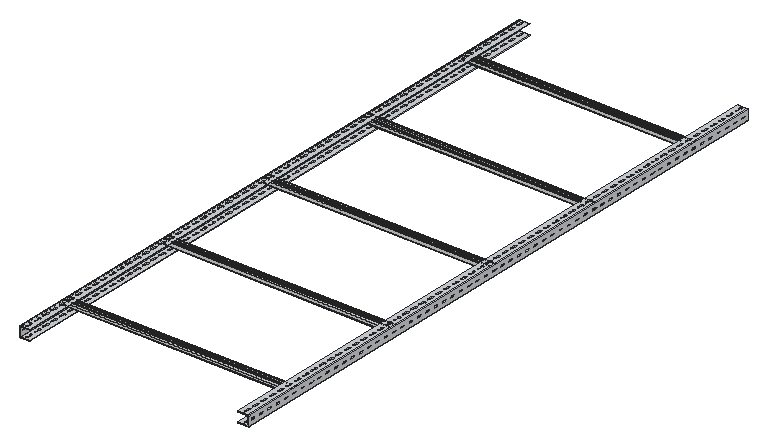
Revit family "steigeleiter_1100_FT", category Generic Models, Revit 2017
Family settings
  Can host rebar = No
  Round Connector Dimension = Use Diameter
  Part Type = Normal
  Work Plane-Based = No
  Always vertical = Yes
  Cut with Voids When Loaded = No
  Shared = No
  Room Calculation Point = No
Parameters (values of type "SLM 50 C40 11 FT")
  Width 1 = Width / 2  # 550 mm
  Width = 1100 mm
  URL = "http://www.obo-bettermann.com"
  Material = none
  Manufacturer Art.No. = "6010555"
  Manufacturer = "OBO BETTERMANN"
  Length 2 = 273.5 mm
  Length = 3000 mm
  GTIN = "4012196168552"
  Cut's space 2 = 600 mm
  Cut's space = 50 mm
  Cut's number 3 = 2
  Cut's number 2 = 5
  Cut's number = Length / Cut's space  # 60
  Article Type = "SLM 50 C40 11 FT"
Reference planes
  plane 1 "Center (Front/Back)": y = 0
  plane 2: z = 0
  plane 3 "Center (Left/Right)": x = 0
  plane 4: z = 50
  plane 5: y = 3000
  plane 6: y = 273.5
Forms (mm)
  Extrusion 1, solid, material <- "Material"
    sketch origin (0, 0, 0) x (1, 0, 0) y (0, 0, 1)
      loop
        arc (-546, 2.5) -> (-547.061, 2.939) -> (-547.5, 4) r 1.5
        line (-547.5, 4) -> (-547.5, 46)
        arc (-547.5, 46) -> (-547.061, 47.061) -> (-546, 47.5) r 1.5
        line (-546, 47.5) -> (-500, 47.5) -> (-500, 50) -> (-546, 50)
        arc (-546, 50) -> (-548.828, 48.828) -> (-550, 46) r 4
        line (-550, 46) -> (-550, 4)
        arc (-550, 4) -> (-548.828, 1.172) -> (-546, 0) r 4
        line (-546, 0) -> (-500, 0) -> (-500, 2.5) -> (-546, 2.5)
      loop
        line (500, 50) -> (500, 47.5) -> (546, 47.5)
        arc (546, 47.5) -> (547.061, 47.061) -> (547.5, 46) r 1.5
        line (547.5, 46) -> (547.5, 4)
        arc (547.5, 4) -> (547.061, 2.939) -> (546, 2.5) r 1.5
        line (546, 2.5) -> (500, 2.5) -> (500, 0) -> (549.273, 0)
        arc (549.273, 0) -> (549.787, 0.213) -> (550, 0.727) r 0.727
        line (550, 0.727) -> (550, 47.011)
        arc (550, 47.011) -> (549.124, 49.124) -> (547.011, 50) r 2.989
        line (547.011, 50) -> (500, 50)
    from 0 to -3000
  Extrusion 2, void
    sketch origin (0, 0, 0) x (1, 0, 0) y (0, 1, 0)
      loop
        arc (-530.5, 15.5) -> (-525, 10) -> (-519.5, 15.5) r 5.5
        line (-519.5, 15.5) -> (-519.5, 34.5)
        arc (-519.5, 34.5) -> (-525, 40) -> (-530.5, 34.5) r 5.5
        line (-530.5, 34.5) -> (-530.5, 15.5)
    from 47.5 to 50
  Extrusion 3, void
    sketch origin (0, 50, 0) x (1, 0, 0) y (0, 1, 0)
      loop
        arc (-530.5, 15.5) -> (-525, 10) -> (-519.5, 15.5) r 5.5
        line (-519.5, 15.5) -> (-519.5, 34.5)
        arc (-519.5, 34.5) -> (-525, 40) -> (-530.5, 34.5) r 5.5
        line (-530.5, 34.5) -> (-530.5, 15.5)
    from 47.5 to 50
  Extrusion 4, void
    sketch origin (0, 100, 0) x (1, 0, 0) y (0, 1, 0)
      loop
        arc (-530.5, 15.5) -> (-525, 10) -> (-519.5, 15.5) r 5.5
        line (-519.5, 15.5) -> (-519.5, 34.5)
        arc (-519.5, 34.5) -> (-525, 40) -> (-530.5, 34.5) r 5.5
        line (-530.5, 34.5) -> (-530.5, 15.5)
    from 47.5 to 50
  Extrusion 5, void
    sketch origin (0, 150, 0) x (1, 0, 0) y (0, 1, 0)
      loop
        arc (-530.5, 15.5) -> (-525, 10) -> (-519.5, 15.5) r 5.5
        line (-519.5, 15.5) -> (-519.5, 34.5)
        arc (-519.5, 34.5) -> (-525, 40) -> (-530.5, 34.5) r 5.5
        line (-530.5, 34.5) -> (-530.5, 15.5)
    from 47.5 to 50
  Extrusion 6, void
    sketch origin (0, 200, 0) x (1, 0, 0) y (0, 1, 0)
      loop
        arc (-530.5, 15.5) -> (-525, 10) -> (-519.5, 15.5) r 5.5
        line (-519.5, 15.5) -> (-519.5, 34.5)
        arc (-519.5, 34.5) -> (-525, 40) -> (-530.5, 34.5) r 5.5
        line (-530.5, 34.5) -> (-530.5, 15.5)
    from 47.5 to 50
  Extrusion 7, void
    sketch origin (0, 250, 0) x (1, 0, 0) y (0, 1, 0)
      loop
        arc (-530.5, 15.5) -> (-525, 10) -> (-519.5, 15.5) r 5.5
        line (-519.5, 15.5) -> (-519.5, 34.5)
        arc (-519.5, 34.5) -> (-525, 40) -> (-530.5, 34.5) r 5.5
        line (-530.5, 34.5) -> (-530.5, 15.5)
    from 47.5 to 50
  Extrusion 8, void
    sketch origin (0, 300, 0) x (1, 0, 0) y (0, 1, 0)
      loop
        arc (-530.5, 15.5) -> (-525, 10) -> (-519.5, 15.5) r 5.5
        line (-519.5, 15.5) -> (-519.5, 34.5)
        arc (-519.5, 34.5) -> (-525, 40) -> (-530.5, 34.5) r 5.5
        line (-530.5, 34.5) -> (-530.5, 15.5)
    from 47.5 to 50
  Extrusion 9, void
    sketch origin (0, 350, 0) x (1, 0, 0) y (0, 1, 0)
      loop
        arc (-530.5, 15.5) -> (-525, 10) -> (-519.5, 15.5) r 5.5
        line (-519.5, 15.5) -> (-519.5, 34.5)
        arc (-519.5, 34.5) -> (-525, 40) -> (-530.5, 34.5) r 5.5
        line (-530.5, 34.5) -> (-530.5, 15.5)
    from 47.5 to 50
  Extrusion 10, void
    sketch origin (0, 400, 0) x (1, 0, 0) y (0, 1, 0)
      loop
        arc (-530.5, 15.5) -> (-525, 10) -> (-519.5, 15.5) r 5.5
        line (-519.5, 15.5) -> (-519.5, 34.5)
        arc (-519.5, 34.5) -> (-525, 40) -> (-530.5, 34.5) r 5.5
        line (-530.5, 34.5) -> (-530.5, 15.5)
    from 47.5 to 50
  Extrusion 11, void
    sketch origin (0, 450, 0) x (1, 0, 0) y (0, 1, 0)
      loop
        arc (-530.5, 15.5) -> (-525, 10) -> (-519.5, 15.5) r 5.5
        line (-519.5, 15.5) -> (-519.5, 34.5)
        arc (-519.5, 34.5) -> (-525, 40) -> (-530.5, 34.5) r 5.5
        line (-530.5, 34.5) -> (-530.5, 15.5)
    from 47.5 to 50
  Extrusion 12, void
    sketch origin (0, 500, 0) x (1, 0, 0) y (0, 1, 0)
      loop
        arc (-530.5, 15.5) -> (-525, 10) -> (-519.5, 15.5) r 5.5
        line (-519.5, 15.5) -> (-519.5, 34.5)
        arc (-519.5, 34.5) -> (-525, 40) -> (-530.5, 34.5) r 5.5
        line (-530.5, 34.5) -> (-530.5, 15.5)
    from 47.5 to 50
  Extrusion 13, void
    sketch origin (0, 550, 0) x (1, 0, 0) y (0, 1, 0)
      loop
        arc (-530.5, 15.5) -> (-525, 10) -> (-519.5, 15.5) r 5.5
        line (-519.5, 15.5) -> (-519.5, 34.5)
        arc (-519.5, 34.5) -> (-525, 40) -> (-530.5, 34.5) r 5.5
        line (-530.5, 34.5) -> (-530.5, 15.5)
    from 47.5 to 50
  Extrusion 14, void
    sketch origin (0, 600, 0) x (1, 0, 0) y (0, 1, 0)
      loop
        arc (-530.5, 15.5) -> (-525, 10) -> (-519.5, 15.5) r 5.5
        line (-519.5, 15.5) -> (-519.5, 34.5)
        arc (-519.5, 34.5) -> (-525, 40) -> (-530.5, 34.5) r 5.5
        line (-530.5, 34.5) -> (-530.5, 15.5)
    from 47.5 to 50
  Extrusion 15, void
    sketch origin (0, 650, 0) x (1, 0, 0) y (0, 1, 0)
      loop
        arc (-530.5, 15.5) -> (-525, 10) -> (-519.5, 15.5) r 5.5
        line (-519.5, 15.5) -> (-519.5, 34.5)
        arc (-519.5, 34.5) -> (-525, 40) -> (-530.5, 34.5) r 5.5
        line (-530.5, 34.5) -> (-530.5, 15.5)
    from 47.5 to 50
  Extrusion 16, void
    sketch origin (0, 700, 0) x (1, 0, 0) y (0, 1, 0)
      loop
        arc (-530.5, 15.5) -> (-525, 10) -> (-519.5, 15.5) r 5.5
        line (-519.5, 15.5) -> (-519.5, 34.5)
        arc (-519.5, 34.5) -> (-525, 40) -> (-530.5, 34.5) r 5.5
        line (-530.5, 34.5) -> (-530.5, 15.5)
    from 47.5 to 50
  Extrusion 17, void
    sketch origin (0, 750, 0) x (1, 0, 0) y (0, 1, 0)
      loop
        arc (-530.5, 15.5) -> (-525, 10) -> (-519.5, 15.5) r 5.5
        line (-519.5, 15.5) -> (-519.5, 34.5)
        arc (-519.5, 34.5) -> (-525, 40) -> (-530.5, 34.5) r 5.5
        line (-530.5, 34.5) -> (-530.5, 15.5)
    from 47.5 to 50
  Extrusion 18, void
    sketch origin (0, 800, 0) x (1, 0, 0) y (0, 1, 0)
      loop
        arc (-530.5, 15.5) -> (-525, 10) -> (-519.5, 15.5) r 5.5
        line (-519.5, 15.5) -> (-519.5, 34.5)
        arc (-519.5, 34.5) -> (-525, 40) -> (-530.5, 34.5) r 5.5
        line (-530.5, 34.5) -> (-530.5, 15.5)
    from 47.5 to 50
  Extrusion 19, void
    sketch origin (0, 850, 0) x (1, 0, 0) y (0, 1, 0)
      loop
        arc (-530.5, 15.5) -> (-525, 10) -> (-519.5, 15.5) r 5.5
        line (-519.5, 15.5) -> (-519.5, 34.5)
        arc (-519.5, 34.5) -> (-525, 40) -> (-530.5, 34.5) r 5.5
        line (-530.5, 34.5) -> (-530.5, 15.5)
    from 47.5 to 50
  Extrusion 20, void
    sketch origin (0, 900, 0) x (1, 0, 0) y (0, 1, 0)
      loop
        arc (-530.5, 15.5) -> (-525, 10) -> (-519.5, 15.5) r 5.5
        line (-519.5, 15.5) -> (-519.5, 34.5)
        arc (-519.5, 34.5) -> (-525, 40) -> (-530.5, 34.5) r 5.5
        line (-530.5, 34.5) -> (-530.5, 15.5)
    from 47.5 to 50
  Extrusion 21, void
    sketch origin (0, 950, 0) x (1, 0, 0) y (0, 1, 0)
      loop
        arc (-530.5, 15.5) -> (-525, 10) -> (-519.5, 15.5) r 5.5
        line (-519.5, 15.5) -> (-519.5, 34.5)
        arc (-519.5, 34.5) -> (-525, 40) -> (-530.5, 34.5) r 5.5
        line (-530.5, 34.5) -> (-530.5, 15.5)
    from 47.5 to 50
  Extrusion 22, void
    sketch origin (0, 1000, 0) x (1, 0, 0) y (0, 1, 0)
      loop
        arc (-530.5, 15.5) -> (-525, 10) -> (-519.5, 15.5) r 5.5
        line (-519.5, 15.5) -> (-519.5, 34.5)
        arc (-519.5, 34.5) -> (-525, 40) -> (-530.5, 34.5) r 5.5
        line (-530.5, 34.5) -> (-530.5, 15.5)
    from 47.5 to 50
  Extrusion 23, void
    sketch origin (0, 1050, 0) x (1, 0, 0) y (0, 1, 0)
      loop
        arc (-530.5, 15.5) -> (-525, 10) -> (-519.5, 15.5) r 5.5
        line (-519.5, 15.5) -> (-519.5, 34.5)
        arc (-519.5, 34.5) -> (-525, 40) -> (-530.5, 34.5) r 5.5
        line (-530.5, 34.5) -> (-530.5, 15.5)
    from 47.5 to 50
  Extrusion 24, void
    sketch origin (0, 1100, 0) x (1, 0, 0) y (0, 1, 0)
      loop
        arc (-530.5, 15.5) -> (-525, 10) -> (-519.5, 15.5) r 5.5
        line (-519.5, 15.5) -> (-519.5, 34.5)
        arc (-519.5, 34.5) -> (-525, 40) -> (-530.5, 34.5) r 5.5
        line (-530.5, 34.5) -> (-530.5, 15.5)
    from 47.5 to 50
  Extrusion 25, void
    sketch origin (0, 1150, 0) x (1, 0, 0) y (0, 1, 0)
      loop
        arc (-530.5, 15.5) -> (-525, 10) -> (-519.5, 15.5) r 5.5
        line (-519.5, 15.5) -> (-519.5, 34.5)
        arc (-519.5, 34.5) -> (-525, 40) -> (-530.5, 34.5) r 5.5
        line (-530.5, 34.5) -> (-530.5, 15.5)
    from 47.5 to 50
  Extrusion 26, void
    sketch origin (0, 1200, 0) x (1, 0, 0) y (0, 1, 0)
      loop
        arc (-530.5, 15.5) -> (-525, 10) -> (-519.5, 15.5) r 5.5
        line (-519.5, 15.5) -> (-519.5, 34.5)
        arc (-519.5, 34.5) -> (-525, 40) -> (-530.5, 34.5) r 5.5
        line (-530.5, 34.5) -> (-530.5, 15.5)
    from 47.5 to 50
  Extrusion 27, void
    sketch origin (0, 1250, 0) x (1, 0, 0) y (0, 1, 0)
      loop
        arc (-530.5, 15.5) -> (-525, 10) -> (-519.5, 15.5) r 5.5
        line (-519.5, 15.5) -> (-519.5, 34.5)
        arc (-519.5, 34.5) -> (-525, 40) -> (-530.5, 34.5) r 5.5
        line (-530.5, 34.5) -> (-530.5, 15.5)
    from 47.5 to 50
  Extrusion 28, void
    sketch origin (0, 1300, 0) x (1, 0, 0) y (0, 1, 0)
      loop
        arc (-530.5, 15.5) -> (-525, 10) -> (-519.5, 15.5) r 5.5
        line (-519.5, 15.5) -> (-519.5, 34.5)
        arc (-519.5, 34.5) -> (-525, 40) -> (-530.5, 34.5) r 5.5
        line (-530.5, 34.5) -> (-530.5, 15.5)
    from 47.5 to 50
  Extrusion 29, void
    sketch origin (0, 1350, 0) x (1, 0, 0) y (0, 1, 0)
      loop
        arc (-530.5, 15.5) -> (-525, 10) -> (-519.5, 15.5) r 5.5
        line (-519.5, 15.5) -> (-519.5, 34.5)
        arc (-519.5, 34.5) -> (-525, 40) -> (-530.5, 34.5) r 5.5
        line (-530.5, 34.5) -> (-530.5, 15.5)
    from 47.5 to 50
  Extrusion 30, void
    sketch origin (0, 1400, 0) x (1, 0, 0) y (0, 1, 0)
      loop
        arc (-530.5, 15.5) -> (-525, 10) -> (-519.5, 15.5) r 5.5
        line (-519.5, 15.5) -> (-519.5, 34.5)
        arc (-519.5, 34.5) -> (-525, 40) -> (-530.5, 34.5) r 5.5
        line (-530.5, 34.5) -> (-530.5, 15.5)
    from 47.5 to 50
  Extrusion 31, void
    sketch origin (0, 1450, 0) x (1, 0, 0) y (0, 1, 0)
      loop
        arc (-530.5, 15.5) -> (-525, 10) -> (-519.5, 15.5) r 5.5
        line (-519.5, 15.5) -> (-519.5, 34.5)
        arc (-519.5, 34.5) -> (-525, 40) -> (-530.5, 34.5) r 5.5
        line (-530.5, 34.5) -> (-530.5, 15.5)
    from 47.5 to 50
  Extrusion 32, void
    sketch origin (0, 1500, 0) x (1, 0, 0) y (0, 1, 0)
      loop
        arc (-530.5, 15.5) -> (-525, 10) -> (-519.5, 15.5) r 5.5
        line (-519.5, 15.5) -> (-519.5, 34.5)
        arc (-519.5, 34.5) -> (-525, 40) -> (-530.5, 34.5) r 5.5
        line (-530.5, 34.5) -> (-530.5, 15.5)
    from 47.5 to 50
  Extrusion 33, void
    sketch origin (0, 1550, 0) x (1, 0, 0) y (0, 1, 0)
      loop
        arc (-530.5, 15.5) -> (-525, 10) -> (-519.5, 15.5) r 5.5
        line (-519.5, 15.5) -> (-519.5, 34.5)
        arc (-519.5, 34.5) -> (-525, 40) -> (-530.5, 34.5) r 5.5
        line (-530.5, 34.5) -> (-530.5, 15.5)
    from 47.5 to 50
  Extrusion 34, void
    sketch origin (0, 1600, 0) x (1, 0, 0) y (0, 1, 0)
      loop
        arc (-530.5, 15.5) -> (-525, 10) -> (-519.5, 15.5) r 5.5
        line (-519.5, 15.5) -> (-519.5, 34.5)
        arc (-519.5, 34.5) -> (-525, 40) -> (-530.5, 34.5) r 5.5
        line (-530.5, 34.5) -> (-530.5, 15.5)
    from 47.5 to 50
  Extrusion 35, void
    sketch origin (0, 1650, 0) x (1, 0, 0) y (0, 1, 0)
      loop
        arc (-530.5, 15.5) -> (-525, 10) -> (-519.5, 15.5) r 5.5
        line (-519.5, 15.5) -> (-519.5, 34.5)
        arc (-519.5, 34.5) -> (-525, 40) -> (-530.5, 34.5) r 5.5
        line (-530.5, 34.5) -> (-530.5, 15.5)
    from 47.5 to 50
  Extrusion 36, void
    sketch origin (0, 1700, 0) x (1, 0, 0) y (0, 1, 0)
      loop
        arc (-530.5, 15.5) -> (-525, 10) -> (-519.5, 15.5) r 5.5
        line (-519.5, 15.5) -> (-519.5, 34.5)
        arc (-519.5, 34.5) -> (-525, 40) -> (-530.5, 34.5) r 5.5
        line (-530.5, 34.5) -> (-530.5, 15.5)
    from 47.5 to 50
  Extrusion 37, void
    sketch origin (0, 1750, 0) x (1, 0, 0) y (0, 1, 0)
      loop
        arc (-530.5, 15.5) -> (-525, 10) -> (-519.5, 15.5) r 5.5
        line (-519.5, 15.5) -> (-519.5, 34.5)
        arc (-519.5, 34.5) -> (-525, 40) -> (-530.5, 34.5) r 5.5
        line (-530.5, 34.5) -> (-530.5, 15.5)
    from 47.5 to 50
  Extrusion 38, void
    sketch origin (0, 1800, 0) x (1, 0, 0) y (0, 1, 0)
      loop
        arc (-530.5, 15.5) -> (-525, 10) -> (-519.5, 15.5) r 5.5
        line (-519.5, 15.5) -> (-519.5, 34.5)
        arc (-519.5, 34.5) -> (-525, 40) -> (-530.5, 34.5) r 5.5
        line (-530.5, 34.5) -> (-530.5, 15.5)
    from 47.5 to 50
  Extrusion 39, void
    sketch origin (0, 1850, 0) x (1, 0, 0) y (0, 1, 0)
      loop
        arc (-530.5, 15.5) -> (-525, 10) -> (-519.5, 15.5) r 5.5
        line (-519.5, 15.5) -> (-519.5, 34.5)
        arc (-519.5, 34.5) -> (-525, 40) -> (-530.5, 34.5) r 5.5
        line (-530.5, 34.5) -> (-530.5, 15.5)
    from 47.5 to 50
  Extrusion 40, void
    sketch origin (0, 1900, 0) x (1, 0, 0) y (0, 1, 0)
      loop
        arc (-530.5, 15.5) -> (-525, 10) -> (-519.5, 15.5) r 5.5
        line (-519.5, 15.5) -> (-519.5, 34.5)
        arc (-519.5, 34.5) -> (-525, 40) -> (-530.5, 34.5) r 5.5
        line (-530.5, 34.5) -> (-530.5, 15.5)
    from 47.5 to 50
  Extrusion 41, void
    sketch origin (0, 1950, 0) x (1, 0, 0) y (0, 1, 0)
      loop
        arc (-530.5, 15.5) -> (-525, 10) -> (-519.5, 15.5) r 5.5
        line (-519.5, 15.5) -> (-519.5, 34.5)
        arc (-519.5, 34.5) -> (-525, 40) -> (-530.5, 34.5) r 5.5
        line (-530.5, 34.5) -> (-530.5, 15.5)
    from 47.5 to 50
  Extrusion 42, void
    sketch origin (0, 2000, 0) x (1, 0, 0) y (0, 1, 0)
      loop
        arc (-530.5, 15.5) -> (-525, 10) -> (-519.5, 15.5) r 5.5
        line (-519.5, 15.5) -> (-519.5, 34.5)
        arc (-519.5, 34.5) -> (-525, 40) -> (-530.5, 34.5) r 5.5
        line (-530.5, 34.5) -> (-530.5, 15.5)
    from 47.5 to 50
  Extrusion 43, void
    sketch origin (0, 2050, 0) x (1, 0, 0) y (0, 1, 0)
      loop
        arc (-530.5, 15.5) -> (-525, 10) -> (-519.5, 15.5) r 5.5
        line (-519.5, 15.5) -> (-519.5, 34.5)
        arc (-519.5, 34.5) -> (-525, 40) -> (-530.5, 34.5) r 5.5
        line (-530.5, 34.5) -> (-530.5, 15.5)
    from 47.5 to 50
  Extrusion 44, void
    sketch origin (0, 2100, 0) x (1, 0, 0) y (0, 1, 0)
      loop
        arc (-530.5, 15.5) -> (-525, 10) -> (-519.5, 15.5) r 5.5
        line (-519.5, 15.5) -> (-519.5, 34.5)
        arc (-519.5, 34.5) -> (-525, 40) -> (-530.5, 34.5) r 5.5
        line (-530.5, 34.5) -> (-530.5, 15.5)
    from 47.5 to 50
  Extrusion 45, void
    sketch origin (0, 2150, 0) x (1, 0, 0) y (0, 1, 0)
      loop
        arc (-530.5, 15.5) -> (-525, 10) -> (-519.5, 15.5) r 5.5
        line (-519.5, 15.5) -> (-519.5, 34.5)
        arc (-519.5, 34.5) -> (-525, 40) -> (-530.5, 34.5) r 5.5
        line (-530.5, 34.5) -> (-530.5, 15.5)
    from 47.5 to 50
  Extrusion 46, void
    sketch origin (0, 2200, 0) x (1, 0, 0) y (0, 1, 0)
      loop
        arc (-530.5, 15.5) -> (-525, 10) -> (-519.5, 15.5) r 5.5
        line (-519.5, 15.5) -> (-519.5, 34.5)
        arc (-519.5, 34.5) -> (-525, 40) -> (-530.5, 34.5) r 5.5
        line (-530.5, 34.5) -> (-530.5, 15.5)
    from 47.5 to 50
  Extrusion 47, void
    sketch origin (0, 2250, 0) x (1, 0, 0) y (0, 1, 0)
      loop
        arc (-530.5, 15.5) -> (-525, 10) -> (-519.5, 15.5) r 5.5
        line (-519.5, 15.5) -> (-519.5, 34.5)
        arc (-519.5, 34.5) -> (-525, 40) -> (-530.5, 34.5) r 5.5
        line (-530.5, 34.5) -> (-530.5, 15.5)
    from 47.5 to 50
  Extrusion 48, void
    sketch origin (0, 2300, 0) x (1, 0, 0) y (0, 1, 0)
      loop
        arc (-530.5, 15.5) -> (-525, 10) -> (-519.5, 15.5) r 5.5
        line (-519.5, 15.5) -> (-519.5, 34.5)
        arc (-519.5, 34.5) -> (-525, 40) -> (-530.5, 34.5) r 5.5
        line (-530.5, 34.5) -> (-530.5, 15.5)
    from 47.5 to 50
  Extrusion 49, void
    sketch origin (0, 2350, 0) x (1, 0, 0) y (0, 1, 0)
      loop
        arc (-530.5, 15.5) -> (-525, 10) -> (-519.5, 15.5) r 5.5
        line (-519.5, 15.5) -> (-519.5, 34.5)
        arc (-519.5, 34.5) -> (-525, 40) -> (-530.5, 34.5) r 5.5
        line (-530.5, 34.5) -> (-530.5, 15.5)
    from 47.5 to 50
  Extrusion 50, void
    sketch origin (0, 2400, 0) x (1, 0, 0) y (0, 1, 0)
      loop
        arc (-530.5, 15.5) -> (-525, 10) -> (-519.5, 15.5) r 5.5
        line (-519.5, 15.5) -> (-519.5, 34.5)
        arc (-519.5, 34.5) -> (-525, 40) -> (-530.5, 34.5) r 5.5
        line (-530.5, 34.5) -> (-530.5, 15.5)
    from 47.5 to 50
  Extrusion 51, void
    sketch origin (0, 2450, 0) x (1, 0, 0) y (0, 1, 0)
      loop
        arc (-530.5, 15.5) -> (-525, 10) -> (-519.5, 15.5) r 5.5
        line (-519.5, 15.5) -> (-519.5, 34.5)
        arc (-519.5, 34.5) -> (-525, 40) -> (-530.5, 34.5) r 5.5
        line (-530.5, 34.5) -> (-530.5, 15.5)
    from 47.5 to 50
  Extrusion 52, void
    sketch origin (0, 2500, 0) x (1, 0, 0) y (0, 1, 0)
      loop
        arc (-530.5, 15.5) -> (-525, 10) -> (-519.5, 15.5) r 5.5
        line (-519.5, 15.5) -> (-519.5, 34.5)
        arc (-519.5, 34.5) -> (-525, 40) -> (-530.5, 34.5) r 5.5
        line (-530.5, 34.5) -> (-530.5, 15.5)
    from 47.5 to 50
  Extrusion 53, void
    sketch origin (0, 2550, 0) x (1, 0, 0) y (0, 1, 0)
      loop
        arc (-530.5, 15.5) -> (-525, 10) -> (-519.5, 15.5) r 5.5
        line (-519.5, 15.5) -> (-519.5, 34.5)
        arc (-519.5, 34.5) -> (-525, 40) -> (-530.5, 34.5) r 5.5
        line (-530.5, 34.5) -> (-530.5, 15.5)
    from 47.5 to 50
  Extrusion 54, void
    sketch origin (0, 2600, 0) x (1, 0, 0) y (0, 1, 0)
      loop
        arc (-530.5, 15.5) -> (-525, 10) -> (-519.5, 15.5) r 5.5
        line (-519.5, 15.5) -> (-519.5, 34.5)
        arc (-519.5, 34.5) -> (-525, 40) -> (-530.5, 34.5) r 5.5
        line (-530.5, 34.5) -> (-530.5, 15.5)
    from 47.5 to 50
  Extrusion 55, void
    sketch origin (0, 2650, 0) x (1, 0, 0) y (0, 1, 0)
      loop
        arc (-530.5, 15.5) -> (-525, 10) -> (-519.5, 15.5) r 5.5
        line (-519.5, 15.5) -> (-519.5, 34.5)
        arc (-519.5, 34.5) -> (-525, 40) -> (-530.5, 34.5) r 5.5
        line (-530.5, 34.5) -> (-530.5, 15.5)
    from 47.5 to 50
  Extrusion 56, void
    sketch origin (0, 2700, 0) x (1, 0, 0) y (0, 1, 0)
      loop
        arc (-530.5, 15.5) -> (-525, 10) -> (-519.5, 15.5) r 5.5
        line (-519.5, 15.5) -> (-519.5, 34.5)
        arc (-519.5, 34.5) -> (-525, 40) -> (-530.5, 34.5) r 5.5
        line (-530.5, 34.5) -> (-530.5, 15.5)
    from 47.5 to 50
  Extrusion 57, void
    sketch origin (0, 2750, 0) x (1, 0, 0) y (0, 1, 0)
      loop
        arc (-530.5, 15.5) -> (-525, 10) -> (-519.5, 15.5) r 5.5
        line (-519.5, 15.5) -> (-519.5, 34.5)
        arc (-519.5, 34.5) -> (-525, 40) -> (-530.5, 34.5) r 5.5
        line (-530.5, 34.5) -> (-530.5, 15.5)
    from 47.5 to 50
  Extrusion 58, void
    sketch origin (0, 2800, 0) x (1, 0, 0) y (0, 1, 0)
      loop
        arc (-530.5, 15.5) -> (-525, 10) -> (-519.5, 15.5) r 5.5
        line (-519.5, 15.5) -> (-519.5, 34.5)
        arc (-519.5, 34.5) -> (-525, 40) -> (-530.5, 34.5) r 5.5
        line (-530.5, 34.5) -> (-530.5, 15.5)
    from 47.5 to 50
  Extrusion 59, void
    sketch origin (0, 2850, 0) x (1, 0, 0) y (0, 1, 0)
      loop
        arc (-530.5, 15.5) -> (-525, 10) -> (-519.5, 15.5) r 5.5
        line (-519.5, 15.5) -> (-519.5, 34.5)
        arc (-519.5, 34.5) -> (-525, 40) -> (-530.5, 34.5) r 5.5
        line (-530.5, 34.5) -> (-530.5, 15.5)
    from 47.5 to 50
  Extrusion 60, void
    sketch origin (0, 2900, 0) x (1, 0, 0) y (0, 1, 0)
      loop
        arc (-530.5, 15.5) -> (-525, 10) -> (-519.5, 15.5) r 5.5
        line (-519.5, 15.5) -> (-519.5, 34.5)
        arc (-519.5, 34.5) -> (-525, 40) -> (-530.5, 34.5) r 5.5
        line (-530.5, 34.5) -> (-530.5, 15.5)
    from 47.5 to 50
  Extrusion 61, void
    sketch origin (0, 2950, 0) x (1, 0, 0) y (0, 1, 0)
      loop
        arc (-530.5, 15.5) -> (-525, 10) -> (-519.5, 15.5) r 5.5
        line (-519.5, 15.5) -> (-519.5, 34.5)
        arc (-519.5, 34.5) -> (-525, 40) -> (-530.5, 34.5) r 5.5
        line (-530.5, 34.5) -> (-530.5, 15.5)
    from 47.5 to 50
  Extrusion 62, void
    sketch origin (0, 0, 0) x (1, 0, 0) y (0, 1, 0)
      loop
        arc (519.5, 15.5) -> (525, 10) -> (530.5, 15.5) r 5.5
        line (530.5, 15.5) -> (530.5, 34.5)
        arc (530.5, 34.5) -> (525, 40) -> (519.5, 34.5) r 5.5
        line (519.5, 34.5) -> (519.5, 15.5)
    from 47.5 to 50
  Extrusion 63, void
    sketch origin (0, 50, 0) x (1, 0, 0) y (0, 1, 0)
      loop
        arc (519.5, 15.5) -> (525, 10) -> (530.5, 15.5) r 5.5
        line (530.5, 15.5) -> (530.5, 34.5)
        arc (530.5, 34.5) -> (525, 40) -> (519.5, 34.5) r 5.5
        line (519.5, 34.5) -> (519.5, 15.5)
    from 47.5 to 50
  Extrusion 64, void
    sketch origin (0, 100, 0) x (1, 0, 0) y (0, 1, 0)
      loop
        arc (519.5, 15.5) -> (525, 10) -> (530.5, 15.5) r 5.5
        line (530.5, 15.5) -> (530.5, 34.5)
        arc (530.5, 34.5) -> (525, 40) -> (519.5, 34.5) r 5.5
        line (519.5, 34.5) -> (519.5, 15.5)
    from 47.5 to 50
  Extrusion 65, void
    sketch origin (0, 150, 0) x (1, 0, 0) y (0, 1, 0)
      loop
        arc (519.5, 15.5) -> (525, 10) -> (530.5, 15.5) r 5.5
        line (530.5, 15.5) -> (530.5, 34.5)
        arc (530.5, 34.5) -> (525, 40) -> (519.5, 34.5) r 5.5
        line (519.5, 34.5) -> (519.5, 15.5)
    from 47.5 to 50
  Extrusion 66, void
    sketch origin (0, 200, 0) x (1, 0, 0) y (0, 1, 0)
      loop
        arc (519.5, 15.5) -> (525, 10) -> (530.5, 15.5) r 5.5
        line (530.5, 15.5) -> (530.5, 34.5)
        arc (530.5, 34.5) -> (525, 40) -> (519.5, 34.5) r 5.5
        line (519.5, 34.5) -> (519.5, 15.5)
    from 47.5 to 50
  Extrusion 67, void
    sketch origin (0, 250, 0) x (1, 0, 0) y (0, 1, 0)
      loop
        arc (519.5, 15.5) -> (525, 10) -> (530.5, 15.5) r 5.5
        line (530.5, 15.5) -> (530.5, 34.5)
        arc (530.5, 34.5) -> (525, 40) -> (519.5, 34.5) r 5.5
        line (519.5, 34.5) -> (519.5, 15.5)
    from 47.5 to 50
  Extrusion 68, void
    sketch origin (0, 300, 0) x (1, 0, 0) y (0, 1, 0)
      loop
        arc (519.5, 15.5) -> (525, 10) -> (530.5, 15.5) r 5.5
        line (530.5, 15.5) -> (530.5, 34.5)
        arc (530.5, 34.5) -> (525, 40) -> (519.5, 34.5) r 5.5
        line (519.5, 34.5) -> (519.5, 15.5)
    from 47.5 to 50
  Extrusion 69, void
    sketch origin (0, 350, 0) x (1, 0, 0) y (0, 1, 0)
      loop
        arc (519.5, 15.5) -> (525, 10) -> (530.5, 15.5) r 5.5
        line (530.5, 15.5) -> (530.5, 34.5)
        arc (530.5, 34.5) -> (525, 40) -> (519.5, 34.5) r 5.5
        line (519.5, 34.5) -> (519.5, 15.5)
    from 47.5 to 50
  Extrusion 70, void
    sketch origin (0, 400, 0) x (1, 0, 0) y (0, 1, 0)
      loop
        arc (519.5, 15.5) -> (525, 10) -> (530.5, 15.5) r 5.5
        line (530.5, 15.5) -> (530.5, 34.5)
        arc (530.5, 34.5) -> (525, 40) -> (519.5, 34.5) r 5.5
        line (519.5, 34.5) -> (519.5, 15.5)
    from 47.5 to 50
  Extrusion 71, void
    sketch origin (0, 450, 0) x (1, 0, 0) y (0, 1, 0)
      loop
        arc (519.5, 15.5) -> (525, 10) -> (530.5, 15.5) r 5.5
        line (530.5, 15.5) -> (530.5, 34.5)
        arc (530.5, 34.5) -> (525, 40) -> (519.5, 34.5) r 5.5
        line (519.5, 34.5) -> (519.5, 15.5)
    from 47.5 to 50
  Extrusion 72, void
    sketch origin (0, 500, 0) x (1, 0, 0) y (0, 1, 0)
      loop
        arc (519.5, 15.5) -> (525, 10) -> (530.5, 15.5) r 5.5
        line (530.5, 15.5) -> (530.5, 34.5)
        arc (530.5, 34.5) -> (525, 40) -> (519.5, 34.5) r 5.5
        line (519.5, 34.5) -> (519.5, 15.5)
    from 47.5 to 50
  Extrusion 73, void
    sketch origin (0, 550, 0) x (1, 0, 0) y (0, 1, 0)
      loop
        arc (519.5, 15.5) -> (525, 10) -> (530.5, 15.5) r 5.5
        line (530.5, 15.5) -> (530.5, 34.5)
        arc (530.5, 34.5) -> (525, 40) -> (519.5, 34.5) r 5.5
        line (519.5, 34.5) -> (519.5, 15.5)
    from 47.5 to 50
  Extrusion 74, void
    sketch origin (0, 600, 0) x (1, 0, 0) y (0, 1, 0)
      loop
        arc (519.5, 15.5) -> (525, 10) -> (530.5, 15.5) r 5.5
        line (530.5, 15.5) -> (530.5, 34.5)
        arc (530.5, 34.5) -> (525, 40) -> (519.5, 34.5) r 5.5
        line (519.5, 34.5) -> (519.5, 15.5)
    from 47.5 to 50
  Extrusion 75, void
    sketch origin (0, 650, 0) x (1, 0, 0) y (0, 1, 0)
      loop
        arc (519.5, 15.5) -> (525, 10) -> (530.5, 15.5) r 5.5
        line (530.5, 15.5) -> (530.5, 34.5)
        arc (530.5, 34.5) -> (525, 40) -> (519.5, 34.5) r 5.5
        line (519.5, 34.5) -> (519.5, 15.5)
    from 47.5 to 50
  Extrusion 76, void
    sketch origin (0, 700, 0) x (1, 0, 0) y (0, 1, 0)
      loop
        arc (519.5, 15.5) -> (525, 10) -> (530.5, 15.5) r 5.5
        line (530.5, 15.5) -> (530.5, 34.5)
        arc (530.5, 34.5) -> (525, 40) -> (519.5, 34.5) r 5.5
        line (519.5, 34.5) -> (519.5, 15.5)
    from 47.5 to 50
  Extrusion 77, void
    sketch origin (0, 750, 0) x (1, 0, 0) y (0, 1, 0)
      loop
        arc (519.5, 15.5) -> (525, 10) -> (530.5, 15.5) r 5.5
        line (530.5, 15.5) -> (530.5, 34.5)
        arc (530.5, 34.5) -> (525, 40) -> (519.5, 34.5) r 5.5
        line (519.5, 34.5) -> (519.5, 15.5)
    from 47.5 to 50
  Extrusion 78, void
    sketch origin (0, 800, 0) x (1, 0, 0) y (0, 1, 0)
      loop
        arc (519.5, 15.5) -> (525, 10) -> (530.5, 15.5) r 5.5
        line (530.5, 15.5) -> (530.5, 34.5)
        arc (530.5, 34.5) -> (525, 40) -> (519.5, 34.5) r 5.5
        line (519.5, 34.5) -> (519.5, 15.5)
    from 47.5 to 50
  Extrusion 79, void
    sketch origin (0, 850, 0) x (1, 0, 0) y (0, 1, 0)
      loop
        arc (519.5, 15.5) -> (525, 10) -> (530.5, 15.5) r 5.5
        line (530.5, 15.5) -> (530.5, 34.5)
        arc (530.5, 34.5) -> (525, 40) -> (519.5, 34.5) r 5.5
        line (519.5, 34.5) -> (519.5, 15.5)
    from 47.5 to 50
  Extrusion 80, void
    sketch origin (0, 900, 0) x (1, 0, 0) y (0, 1, 0)
      loop
        arc (519.5, 15.5) -> (525, 10) -> (530.5, 15.5) r 5.5
        line (530.5, 15.5) -> (530.5, 34.5)
        arc (530.5, 34.5) -> (525, 40) -> (519.5, 34.5) r 5.5
        line (519.5, 34.5) -> (519.5, 15.5)
    from 47.5 to 50
  Extrusion 81, void
    sketch origin (0, 950, 0) x (1, 0, 0) y (0, 1, 0)
      loop
        arc (519.5, 15.5) -> (525, 10) -> (530.5, 15.5) r 5.5
        line (530.5, 15.5) -> (530.5, 34.5)
        arc (530.5, 34.5) -> (525, 40) -> (519.5, 34.5) r 5.5
        line (519.5, 34.5) -> (519.5, 15.5)
    from 47.5 to 50
  Extrusion 82, void
    sketch origin (0, 1000, 0) x (1, 0, 0) y (0, 1, 0)
      loop
        arc (519.5, 15.5) -> (525, 10) -> (530.5, 15.5) r 5.5
        line (530.5, 15.5) -> (530.5, 34.5)
        arc (530.5, 34.5) -> (525, 40) -> (519.5, 34.5) r 5.5
        line (519.5, 34.5) -> (519.5, 15.5)
    from 47.5 to 50
  Extrusion 83, void
    sketch origin (0, 1050, 0) x (1, 0, 0) y (0, 1, 0)
      loop
        arc (519.5, 15.5) -> (525, 10) -> (530.5, 15.5) r 5.5
        line (530.5, 15.5) -> (530.5, 34.5)
        arc (530.5, 34.5) -> (525, 40) -> (519.5, 34.5) r 5.5
        line (519.5, 34.5) -> (519.5, 15.5)
    from 47.5 to 50
  Extrusion 84, void
    sketch origin (0, 1100, 0) x (1, 0, 0) y (0, 1, 0)
      loop
        arc (519.5, 15.5) -> (525, 10) -> (530.5, 15.5) r 5.5
        line (530.5, 15.5) -> (530.5, 34.5)
        arc (530.5, 34.5) -> (525, 40) -> (519.5, 34.5) r 5.5
        line (519.5, 34.5) -> (519.5, 15.5)
    from 47.5 to 50
  Extrusion 85, void
    sketch origin (0, 1150, 0) x (1, 0, 0) y (0, 1, 0)
      loop
        arc (519.5, 15.5) -> (525, 10) -> (530.5, 15.5) r 5.5
        line (530.5, 15.5) -> (530.5, 34.5)
        arc (530.5, 34.5) -> (525, 40) -> (519.5, 34.5) r 5.5
        line (519.5, 34.5) -> (519.5, 15.5)
    from 47.5 to 50
  Extrusion 86, void
    sketch origin (0, 1200, 0) x (1, 0, 0) y (0, 1, 0)
      loop
        arc (519.5, 15.5) -> (525, 10) -> (530.5, 15.5) r 5.5
        line (530.5, 15.5) -> (530.5, 34.5)
        arc (530.5, 34.5) -> (525, 40) -> (519.5, 34.5) r 5.5
        line (519.5, 34.5) -> (519.5, 15.5)
    from 47.5 to 50
  Extrusion 87, void
    sketch origin (0, 1250, 0) x (1, 0, 0) y (0, 1, 0)
      loop
        arc (519.5, 15.5) -> (525, 10) -> (530.5, 15.5) r 5.5
        line (530.5, 15.5) -> (530.5, 34.5)
        arc (530.5, 34.5) -> (525, 40) -> (519.5, 34.5) r 5.5
        line (519.5, 34.5) -> (519.5, 15.5)
    from 47.5 to 50
  Extrusion 88, void
    sketch origin (0, 1300, 0) x (1, 0, 0) y (0, 1, 0)
      loop
        arc (519.5, 15.5) -> (525, 10) -> (530.5, 15.5) r 5.5
        line (530.5, 15.5) -> (530.5, 34.5)
        arc (530.5, 34.5) -> (525, 40) -> (519.5, 34.5) r 5.5
        line (519.5, 34.5) -> (519.5, 15.5)
    from 47.5 to 50
  Extrusion 89, void
    sketch origin (0, 1350, 0) x (1, 0, 0) y (0, 1, 0)
      loop
        arc (519.5, 15.5) -> (525, 10) -> (530.5, 15.5) r 5.5
        line (530.5, 15.5) -> (530.5, 34.5)
        arc (530.5, 34.5) -> (525, 40) -> (519.5, 34.5) r 5.5
        line (519.5, 34.5) -> (519.5, 15.5)
    from 47.5 to 50
  Extrusion 90, void
    sketch origin (0, 1400, 0) x (1, 0, 0) y (0, 1, 0)
      loop
        arc (519.5, 15.5) -> (525, 10) -> (530.5, 15.5) r 5.5
        line (530.5, 15.5) -> (530.5, 34.5)
        arc (530.5, 34.5) -> (525, 40) -> (519.5, 34.5) r 5.5
        line (519.5, 34.5) -> (519.5, 15.5)
    from 47.5 to 50
  Extrusion 91, void
    sketch origin (0, 1450, 0) x (1, 0, 0) y (0, 1, 0)
      loop
        arc (519.5, 15.5) -> (525, 10) -> (530.5, 15.5) r 5.5
        line (530.5, 15.5) -> (530.5, 34.5)
        arc (530.5, 34.5) -> (525, 40) -> (519.5, 34.5) r 5.5
        line (519.5, 34.5) -> (519.5, 15.5)
    from 47.5 to 50
  Extrusion 92, void
    sketch origin (0, 1500, 0) x (1, 0, 0) y (0, 1, 0)
      loop
        arc (519.5, 15.5) -> (525, 10) -> (530.5, 15.5) r 5.5
        line (530.5, 15.5) -> (530.5, 34.5)
        arc (530.5, 34.5) -> (525, 40) -> (519.5, 34.5) r 5.5
        line (519.5, 34.5) -> (519.5, 15.5)
    from 47.5 to 50
  Extrusion 93, void
    sketch origin (0, 1550, 0) x (1, 0, 0) y (0, 1, 0)
      loop
        arc (519.5, 15.5) -> (525, 10) -> (530.5, 15.5) r 5.5
        line (530.5, 15.5) -> (530.5, 34.5)
        arc (530.5, 34.5) -> (525, 40) -> (519.5, 34.5) r 5.5
        line (519.5, 34.5) -> (519.5, 15.5)
    from 47.5 to 50
  Extrusion 94, void
    sketch origin (0, 1600, 0) x (1, 0, 0) y (0, 1, 0)
      loop
        arc (519.5, 15.5) -> (525, 10) -> (530.5, 15.5) r 5.5
        line (530.5, 15.5) -> (530.5, 34.5)
        arc (530.5, 34.5) -> (525, 40) -> (519.5, 34.5) r 5.5
        line (519.5, 34.5) -> (519.5, 15.5)
    from 47.5 to 50
  Extrusion 95, void
    sketch origin (0, 1650, 0) x (1, 0, 0) y (0, 1, 0)
      loop
        arc (519.5, 15.5) -> (525, 10) -> (530.5, 15.5) r 5.5
        line (530.5, 15.5) -> (530.5, 34.5)
        arc (530.5, 34.5) -> (525, 40) -> (519.5, 34.5) r 5.5
        line (519.5, 34.5) -> (519.5, 15.5)
    from 47.5 to 50
  Extrusion 96, void
    sketch origin (0, 1700, 0) x (1, 0, 0) y (0, 1, 0)
      loop
        arc (519.5, 15.5) -> (525, 10) -> (530.5, 15.5) r 5.5
        line (530.5, 15.5) -> (530.5, 34.5)
        arc (530.5, 34.5) -> (525, 40) -> (519.5, 34.5) r 5.5
        line (519.5, 34.5) -> (519.5, 15.5)
    from 47.5 to 50
  Extrusion 97, void
    sketch origin (0, 1750, 0) x (1, 0, 0) y (0, 1, 0)
      loop
        arc (519.5, 15.5) -> (525, 10) -> (530.5, 15.5) r 5.5
        line (530.5, 15.5) -> (530.5, 34.5)
        arc (530.5, 34.5) -> (525, 40) -> (519.5, 34.5) r 5.5
        line (519.5, 34.5) -> (519.5, 15.5)
    from 47.5 to 50
  Extrusion 98, void
    sketch origin (0, 1800, 0) x (1, 0, 0) y (0, 1, 0)
      loop
        arc (519.5, 15.5) -> (525, 10) -> (530.5, 15.5) r 5.5
        line (530.5, 15.5) -> (530.5, 34.5)
        arc (530.5, 34.5) -> (525, 40) -> (519.5, 34.5) r 5.5
        line (519.5, 34.5) -> (519.5, 15.5)
    from 47.5 to 50
  Extrusion 99, void
    sketch origin (0, 1850, 0) x (1, 0, 0) y (0, 1, 0)
      loop
        arc (519.5, 15.5) -> (525, 10) -> (530.5, 15.5) r 5.5
        line (530.5, 15.5) -> (530.5, 34.5)
        arc (530.5, 34.5) -> (525, 40) -> (519.5, 34.5) r 5.5
        line (519.5, 34.5) -> (519.5, 15.5)
    from 47.5 to 50
  Extrusion 100, void
    sketch origin (0, 1900, 0) x (1, 0, 0) y (0, 1, 0)
      loop
        arc (519.5, 15.5) -> (525, 10) -> (530.5, 15.5) r 5.5
        line (530.5, 15.5) -> (530.5, 34.5)
        arc (530.5, 34.5) -> (525, 40) -> (519.5, 34.5) r 5.5
        line (519.5, 34.5) -> (519.5, 15.5)
    from 47.5 to 50
  Extrusion 101, void
    sketch origin (0, 1950, 0) x (1, 0, 0) y (0, 1, 0)
      loop
        arc (519.5, 15.5) -> (525, 10) -> (530.5, 15.5) r 5.5
        line (530.5, 15.5) -> (530.5, 34.5)
        arc (530.5, 34.5) -> (525, 40) -> (519.5, 34.5) r 5.5
        line (519.5, 34.5) -> (519.5, 15.5)
    from 47.5 to 50
  Extrusion 102, void
    sketch origin (0, 2000, 0) x (1, 0, 0) y (0, 1, 0)
      loop
        arc (519.5, 15.5) -> (525, 10) -> (530.5, 15.5) r 5.5
        line (530.5, 15.5) -> (530.5, 34.5)
        arc (530.5, 34.5) -> (525, 40) -> (519.5, 34.5) r 5.5
        line (519.5, 34.5) -> (519.5, 15.5)
    from 47.5 to 50
  Extrusion 103, void
    sketch origin (0, 2050, 0) x (1, 0, 0) y (0, 1, 0)
      loop
        arc (519.5, 15.5) -> (525, 10) -> (530.5, 15.5) r 5.5
        line (530.5, 15.5) -> (530.5, 34.5)
        arc (530.5, 34.5) -> (525, 40) -> (519.5, 34.5) r 5.5
        line (519.5, 34.5) -> (519.5, 15.5)
    from 47.5 to 50
  Extrusion 104, void
    sketch origin (0, 2100, 0) x (1, 0, 0) y (0, 1, 0)
      loop
        arc (519.5, 15.5) -> (525, 10) -> (530.5, 15.5) r 5.5
        line (530.5, 15.5) -> (530.5, 34.5)
        arc (530.5, 34.5) -> (525, 40) -> (519.5, 34.5) r 5.5
        line (519.5, 34.5) -> (519.5, 15.5)
    from 47.5 to 50
  Extrusion 105, void
    sketch origin (0, 2150, 0) x (1, 0, 0) y (0, 1, 0)
      loop
        arc (519.5, 15.5) -> (525, 10) -> (530.5, 15.5) r 5.5
        line (530.5, 15.5) -> (530.5, 34.5)
        arc (530.5, 34.5) -> (525, 40) -> (519.5, 34.5) r 5.5
        line (519.5, 34.5) -> (519.5, 15.5)
    from 47.5 to 50
  Extrusion 106, void
    sketch origin (0, 2200, 0) x (1, 0, 0) y (0, 1, 0)
      loop
        arc (519.5, 15.5) -> (525, 10) -> (530.5, 15.5) r 5.5
        line (530.5, 15.5) -> (530.5, 34.5)
        arc (530.5, 34.5) -> (525, 40) -> (519.5, 34.5) r 5.5
        line (519.5, 34.5) -> (519.5, 15.5)
    from 47.5 to 50
  Extrusion 107, void
    sketch origin (0, 2250, 0) x (1, 0, 0) y (0, 1, 0)
      loop
        arc (519.5, 15.5) -> (525, 10) -> (530.5, 15.5) r 5.5
        line (530.5, 15.5) -> (530.5, 34.5)
        arc (530.5, 34.5) -> (525, 40) -> (519.5, 34.5) r 5.5
        line (519.5, 34.5) -> (519.5, 15.5)
    from 47.5 to 50
  Extrusion 108, void
    sketch origin (0, 2300, 0) x (1, 0, 0) y (0, 1, 0)
      loop
        arc (519.5, 15.5) -> (525, 10) -> (530.5, 15.5) r 5.5
        line (530.5, 15.5) -> (530.5, 34.5)
        arc (530.5, 34.5) -> (525, 40) -> (519.5, 34.5) r 5.5
        line (519.5, 34.5) -> (519.5, 15.5)
    from 47.5 to 50
  Extrusion 109, void
    sketch origin (0, 2350, 0) x (1, 0, 0) y (0, 1, 0)
      loop
        arc (519.5, 15.5) -> (525, 10) -> (530.5, 15.5) r 5.5
        line (530.5, 15.5) -> (530.5, 34.5)
        arc (530.5, 34.5) -> (525, 40) -> (519.5, 34.5) r 5.5
        line (519.5, 34.5) -> (519.5, 15.5)
    from 47.5 to 50
  Extrusion 110, void
    sketch origin (0, 2400, 0) x (1, 0, 0) y (0, 1, 0)
      loop
        arc (519.5, 15.5) -> (525, 10) -> (530.5, 15.5) r 5.5
        line (530.5, 15.5) -> (530.5, 34.5)
        arc (530.5, 34.5) -> (525, 40) -> (519.5, 34.5) r 5.5
        line (519.5, 34.5) -> (519.5, 15.5)
    from 47.5 to 50
  Extrusion 111, void
    sketch origin (0, 2450, 0) x (1, 0, 0) y (0, 1, 0)
      loop
        arc (519.5, 15.5) -> (525, 10) -> (530.5, 15.5) r 5.5
        line (530.5, 15.5) -> (530.5, 34.5)
        arc (530.5, 34.5) -> (525, 40) -> (519.5, 34.5) r 5.5
        line (519.5, 34.5) -> (519.5, 15.5)
    from 47.5 to 50
  Extrusion 112, void
    sketch origin (0, 2500, 0) x (1, 0, 0) y (0, 1, 0)
      loop
        arc (519.5, 15.5) -> (525, 10) -> (530.5, 15.5) r 5.5
        line (530.5, 15.5) -> (530.5, 34.5)
        arc (530.5, 34.5) -> (525, 40) -> (519.5, 34.5) r 5.5
        line (519.5, 34.5) -> (519.5, 15.5)
    from 47.5 to 50
  Extrusion 113, void
    sketch origin (0, 2550, 0) x (1, 0, 0) y (0, 1, 0)
      loop
        arc (519.5, 15.5) -> (525, 10) -> (530.5, 15.5) r 5.5
        line (530.5, 15.5) -> (530.5, 34.5)
        arc (530.5, 34.5) -> (525, 40) -> (519.5, 34.5) r 5.5
        line (519.5, 34.5) -> (519.5, 15.5)
    from 47.5 to 50
  Extrusion 114, void
    sketch origin (0, 2600, 0) x (1, 0, 0) y (0, 1, 0)
      loop
        arc (519.5, 15.5) -> (525, 10) -> (530.5, 15.5) r 5.5
        line (530.5, 15.5) -> (530.5, 34.5)
        arc (530.5, 34.5) -> (525, 40) -> (519.5, 34.5) r 5.5
        line (519.5, 34.5) -> (519.5, 15.5)
    from 47.5 to 50
  Extrusion 115, void
    sketch origin (0, 2650, 0) x (1, 0, 0) y (0, 1, 0)
      loop
        arc (519.5, 15.5) -> (525, 10) -> (530.5, 15.5) r 5.5
        line (530.5, 15.5) -> (530.5, 34.5)
        arc (530.5, 34.5) -> (525, 40) -> (519.5, 34.5) r 5.5
        line (519.5, 34.5) -> (519.5, 15.5)
    from 47.5 to 50
  Extrusion 116, void
    sketch origin (0, 2700, 0) x (1, 0, 0) y (0, 1, 0)
      loop
        arc (519.5, 15.5) -> (525, 10) -> (530.5, 15.5) r 5.5
        line (530.5, 15.5) -> (530.5, 34.5)
        arc (530.5, 34.5) -> (525, 40) -> (519.5, 34.5) r 5.5
        line (519.5, 34.5) -> (519.5, 15.5)
    from 47.5 to 50
  Extrusion 117, void
    sketch origin (0, 2750, 0) x (1, 0, 0) y (0, 1, 0)
      loop
        arc (519.5, 15.5) -> (525, 10) -> (530.5, 15.5) r 5.5
        line (530.5, 15.5) -> (530.5, 34.5)
        arc (530.5, 34.5) -> (525, 40) -> (519.5, 34.5) r 5.5
        line (519.5, 34.5) -> (519.5, 15.5)
    from 47.5 to 50
  Extrusion 118, void
    sketch origin (0, 2800, 0) x (1, 0, 0) y (0, 1, 0)
      loop
        arc (519.5, 15.5) -> (525, 10) -> (530.5, 15.5) r 5.5
        line (530.5, 15.5) -> (530.5, 34.5)
        arc (530.5, 34.5) -> (525, 40) -> (519.5, 34.5) r 5.5
        line (519.5, 34.5) -> (519.5, 15.5)
    from 47.5 to 50
  Extrusion 119, void
    sketch origin (0, 2850, 0) x (1, 0, 0) y (0, 1, 0)
      loop
        arc (519.5, 15.5) -> (525, 10) -> (530.5, 15.5) r 5.5
        line (530.5, 15.5) -> (530.5, 34.5)
        arc (530.5, 34.5) -> (525, 40) -> (519.5, 34.5) r 5.5
        line (519.5, 34.5) -> (519.5, 15.5)
    from 47.5 to 50
  Extrusion 120, void
    sketch origin (0, 2900, 0) x (1, 0, 0) y (0, 1, 0)
      loop
        arc (519.5, 15.5) -> (525, 10) -> (530.5, 15.5) r 5.5
        line (530.5, 15.5) -> (530.5, 34.5)
        arc (530.5, 34.5) -> (525, 40) -> (519.5, 34.5) r 5.5
        line (519.5, 34.5) -> (519.5, 15.5)
    from 47.5 to 50
  Extrusion 121, void
    sketch origin (0, 2950, 0) x (1, 0, 0) y (0, 1, 0)
      loop
        arc (519.5, 15.5) -> (525, 10) -> (530.5, 15.5) r 5.5
        line (530.5, 15.5) -> (530.5, 34.5)
        arc (530.5, 34.5) -> (525, 40) -> (519.5, 34.5) r 5.5
        line (519.5, 34.5) -> (519.5, 15.5)
    from 47.5 to 50
  Extrusion 122, void
    sketch origin (0, 0, 0) x (1, 0, 0) y (0, 1, 0)
      loop
        arc (-530.5, 15.5) -> (-525, 10) -> (-519.5, 15.5) r 5.5
        line (-519.5, 15.5) -> (-519.5, 34.5)
        arc (-519.5, 34.5) -> (-525, 40) -> (-530.5, 34.5) r 5.5
        line (-530.5, 34.5) -> (-530.5, 15.5)
    from 0 to 2.5
  Extrusion 123, void
    sketch origin (0, 50, 0) x (1, 0, 0) y (0, 1, 0)
      loop
        arc (-530.5, 15.5) -> (-525, 10) -> (-519.5, 15.5) r 5.5
        line (-519.5, 15.5) -> (-519.5, 34.5)
        arc (-519.5, 34.5) -> (-525, 40) -> (-530.5, 34.5) r 5.5
        line (-530.5, 34.5) -> (-530.5, 15.5)
    from 0 to 2.5
  Extrusion 124, void
    sketch origin (0, 100, 0) x (1, 0, 0) y (0, 1, 0)
      loop
        arc (-530.5, 15.5) -> (-525, 10) -> (-519.5, 15.5) r 5.5
        line (-519.5, 15.5) -> (-519.5, 34.5)
        arc (-519.5, 34.5) -> (-525, 40) -> (-530.5, 34.5) r 5.5
        line (-530.5, 34.5) -> (-530.5, 15.5)
    from 0 to 2.5
  Extrusion 125, void
    sketch origin (0, 150, 0) x (1, 0, 0) y (0, 1, 0)
      loop
        arc (-530.5, 15.5) -> (-525, 10) -> (-519.5, 15.5) r 5.5
        line (-519.5, 15.5) -> (-519.5, 34.5)
        arc (-519.5, 34.5) -> (-525, 40) -> (-530.5, 34.5) r 5.5
        line (-530.5, 34.5) -> (-530.5, 15.5)
    from 0 to 2.5
  Extrusion 126, void
    sketch origin (0, 200, 0) x (1, 0, 0) y (0, 1, 0)
      loop
        arc (-530.5, 15.5) -> (-525, 10) -> (-519.5, 15.5) r 5.5
        line (-519.5, 15.5) -> (-519.5, 34.5)
        arc (-519.5, 34.5) -> (-525, 40) -> (-530.5, 34.5) r 5.5
        line (-530.5, 34.5) -> (-530.5, 15.5)
    from 0 to 2.5
  Extrusion 127, void
    sketch origin (0, 250, 0) x (1, 0, 0) y (0, 1, 0)
      loop
        arc (-530.5, 15.5) -> (-525, 10) -> (-519.5, 15.5) r 5.5
        line (-519.5, 15.5) -> (-519.5, 34.5)
        arc (-519.5, 34.5) -> (-525, 40) -> (-530.5, 34.5) r 5.5
        line (-530.5, 34.5) -> (-530.5, 15.5)
    from 0 to 2.5
  Extrusion 128, void
    sketch origin (0, 300, 0) x (1, 0, 0) y (0, 1, 0)
      loop
        arc (-530.5, 15.5) -> (-525, 10) -> (-519.5, 15.5) r 5.5
        line (-519.5, 15.5) -> (-519.5, 34.5)
        arc (-519.5, 34.5) -> (-525, 40) -> (-530.5, 34.5) r 5.5
        line (-530.5, 34.5) -> (-530.5, 15.5)
    from 0 to 2.5
  Extrusion 129, void
    sketch origin (0, 350, 0) x (1, 0, 0) y (0, 1, 0)
      loop
        arc (-530.5, 15.5) -> (-525, 10) -> (-519.5, 15.5) r 5.5
        line (-519.5, 15.5) -> (-519.5, 34.5)
        arc (-519.5, 34.5) -> (-525, 40) -> (-530.5, 34.5) r 5.5
        line (-530.5, 34.5) -> (-530.5, 15.5)
    from 0 to 2.5
  Extrusion 130, void
    sketch origin (0, 400, 0) x (1, 0, 0) y (0, 1, 0)
      loop
        arc (-530.5, 15.5) -> (-525, 10) -> (-519.5, 15.5) r 5.5
        line (-519.5, 15.5) -> (-519.5, 34.5)
        arc (-519.5, 34.5) -> (-525, 40) -> (-530.5, 34.5) r 5.5
        line (-530.5, 34.5) -> (-530.5, 15.5)
    from 0 to 2.5
  Extrusion 131, void
    sketch origin (0, 450, 0) x (1, 0, 0) y (0, 1, 0)
      loop
        arc (-530.5, 15.5) -> (-525, 10) -> (-519.5, 15.5) r 5.5
        line (-519.5, 15.5) -> (-519.5, 34.5)
        arc (-519.5, 34.5) -> (-525, 40) -> (-530.5, 34.5) r 5.5
        line (-530.5, 34.5) -> (-530.5, 15.5)
    from 0 to 2.5
  Extrusion 132, void
    sketch origin (0, 500, 0) x (1, 0, 0) y (0, 1, 0)
      loop
        arc (-530.5, 15.5) -> (-525, 10) -> (-519.5, 15.5) r 5.5
        line (-519.5, 15.5) -> (-519.5, 34.5)
        arc (-519.5, 34.5) -> (-525, 40) -> (-530.5, 34.5) r 5.5
        line (-530.5, 34.5) -> (-530.5, 15.5)
    from 0 to 2.5
  Extrusion 133, void
    sketch origin (0, 550, 0) x (1, 0, 0) y (0, 1, 0)
      loop
        arc (-530.5, 15.5) -> (-525, 10) -> (-519.5, 15.5) r 5.5
        line (-519.5, 15.5) -> (-519.5, 34.5)
        arc (-519.5, 34.5) -> (-525, 40) -> (-530.5, 34.5) r 5.5
        line (-530.5, 34.5) -> (-530.5, 15.5)
    from 0 to 2.5
  Extrusion 134, void
    sketch origin (0, 600, 0) x (1, 0, 0) y (0, 1, 0)
      loop
        arc (-530.5, 15.5) -> (-525, 10) -> (-519.5, 15.5) r 5.5
        line (-519.5, 15.5) -> (-519.5, 34.5)
        arc (-519.5, 34.5) -> (-525, 40) -> (-530.5, 34.5) r 5.5
        line (-530.5, 34.5) -> (-530.5, 15.5)
    from 0 to 2.5
  Extrusion 135, void
    sketch origin (0, 650, 0) x (1, 0, 0) y (0, 1, 0)
      loop
        arc (-530.5, 15.5) -> (-525, 10) -> (-519.5, 15.5) r 5.5
        line (-519.5, 15.5) -> (-519.5, 34.5)
        arc (-519.5, 34.5) -> (-525, 40) -> (-530.5, 34.5) r 5.5
        line (-530.5, 34.5) -> (-530.5, 15.5)
    from 0 to 2.5
  Extrusion 136, void
    sketch origin (0, 700, 0) x (1, 0, 0) y (0, 1, 0)
      loop
        arc (-530.5, 15.5) -> (-525, 10) -> (-519.5, 15.5) r 5.5
        line (-519.5, 15.5) -> (-519.5, 34.5)
        arc (-519.5, 34.5) -> (-525, 40) -> (-530.5, 34.5) r 5.5
        line (-530.5, 34.5) -> (-530.5, 15.5)
    from 0 to 2.5
  Extrusion 137, void
    sketch origin (0, 750, 0) x (1, 0, 0) y (0, 1, 0)
      loop
        arc (-530.5, 15.5) -> (-525, 10) -> (-519.5, 15.5) r 5.5
        line (-519.5, 15.5) -> (-519.5, 34.5)
        arc (-519.5, 34.5) -> (-525, 40) -> (-530.5, 34.5) r 5.5
        line (-530.5, 34.5) -> (-530.5, 15.5)
    from 0 to 2.5
  Extrusion 138, void
    sketch origin (0, 800, 0) x (1, 0, 0) y (0, 1, 0)
      loop
        arc (-530.5, 15.5) -> (-525, 10) -> (-519.5, 15.5) r 5.5
        line (-519.5, 15.5) -> (-519.5, 34.5)
        arc (-519.5, 34.5) -> (-525, 40) -> (-530.5, 34.5) r 5.5
        line (-530.5, 34.5) -> (-530.5, 15.5)
    from 0 to 2.5
  Extrusion 139, void
    sketch origin (0, 850, 0) x (1, 0, 0) y (0, 1, 0)
      loop
        arc (-530.5, 15.5) -> (-525, 10) -> (-519.5, 15.5) r 5.5
        line (-519.5, 15.5) -> (-519.5, 34.5)
        arc (-519.5, 34.5) -> (-525, 40) -> (-530.5, 34.5) r 5.5
        line (-530.5, 34.5) -> (-530.5, 15.5)
    from 0 to 2.5
  Extrusion 140, void
    sketch origin (0, 900, 0) x (1, 0, 0) y (0, 1, 0)
      loop
        arc (-530.5, 15.5) -> (-525, 10) -> (-519.5, 15.5) r 5.5
        line (-519.5, 15.5) -> (-519.5, 34.5)
        arc (-519.5, 34.5) -> (-525, 40) -> (-530.5, 34.5) r 5.5
        line (-530.5, 34.5) -> (-530.5, 15.5)
    from 0 to 2.5
  Extrusion 141, void
    sketch origin (0, 950, 0) x (1, 0, 0) y (0, 1, 0)
      loop
        arc (-530.5, 15.5) -> (-525, 10) -> (-519.5, 15.5) r 5.5
        line (-519.5, 15.5) -> (-519.5, 34.5)
        arc (-519.5, 34.5) -> (-525, 40) -> (-530.5, 34.5) r 5.5
        line (-530.5, 34.5) -> (-530.5, 15.5)
    from 0 to 2.5
  Extrusion 142, void
    sketch origin (0, 1000, 0) x (1, 0, 0) y (0, 1, 0)
      loop
        arc (-530.5, 15.5) -> (-525, 10) -> (-519.5, 15.5) r 5.5
        line (-519.5, 15.5) -> (-519.5, 34.5)
        arc (-519.5, 34.5) -> (-525, 40) -> (-530.5, 34.5) r 5.5
        line (-530.5, 34.5) -> (-530.5, 15.5)
    from 0 to 2.5
  Extrusion 143, void
    sketch origin (0, 1050, 0) x (1, 0, 0) y (0, 1, 0)
      loop
        arc (-530.5, 15.5) -> (-525, 10) -> (-519.5, 15.5) r 5.5
        line (-519.5, 15.5) -> (-519.5, 34.5)
        arc (-519.5, 34.5) -> (-525, 40) -> (-530.5, 34.5) r 5.5
        line (-530.5, 34.5) -> (-530.5, 15.5)
    from 0 to 2.5
  Extrusion 144, void
    sketch origin (0, 1100, 0) x (1, 0, 0) y (0, 1, 0)
      loop
        arc (-530.5, 15.5) -> (-525, 10) -> (-519.5, 15.5) r 5.5
        line (-519.5, 15.5) -> (-519.5, 34.5)
        arc (-519.5, 34.5) -> (-525, 40) -> (-530.5, 34.5) r 5.5
        line (-530.5, 34.5) -> (-530.5, 15.5)
    from 0 to 2.5
  Extrusion 145, void
    sketch origin (0, 1150, 0) x (1, 0, 0) y (0, 1, 0)
      loop
        arc (-530.5, 15.5) -> (-525, 10) -> (-519.5, 15.5) r 5.5
        line (-519.5, 15.5) -> (-519.5, 34.5)
        arc (-519.5, 34.5) -> (-525, 40) -> (-530.5, 34.5) r 5.5
        line (-530.5, 34.5) -> (-530.5, 15.5)
    from 0 to 2.5
  Extrusion 146, void
    sketch origin (0, 1200, 0) x (1, 0, 0) y (0, 1, 0)
      loop
        arc (-530.5, 15.5) -> (-525, 10) -> (-519.5, 15.5) r 5.5
        line (-519.5, 15.5) -> (-519.5, 34.5)
        arc (-519.5, 34.5) -> (-525, 40) -> (-530.5, 34.5) r 5.5
        line (-530.5, 34.5) -> (-530.5, 15.5)
    from 0 to 2.5
  Extrusion 147, void
    sketch origin (0, 1250, 0) x (1, 0, 0) y (0, 1, 0)
      loop
        arc (-530.5, 15.5) -> (-525, 10) -> (-519.5, 15.5) r 5.5
        line (-519.5, 15.5) -> (-519.5, 34.5)
        arc (-519.5, 34.5) -> (-525, 40) -> (-530.5, 34.5) r 5.5
        line (-530.5, 34.5) -> (-530.5, 15.5)
    from 0 to 2.5
  Extrusion 148, void
    sketch origin (0, 1300, 0) x (1, 0, 0) y (0, 1, 0)
      loop
        arc (-530.5, 15.5) -> (-525, 10) -> (-519.5, 15.5) r 5.5
        line (-519.5, 15.5) -> (-519.5, 34.5)
        arc (-519.5, 34.5) -> (-525, 40) -> (-530.5, 34.5) r 5.5
        line (-530.5, 34.5) -> (-530.5, 15.5)
    from 0 to 2.5
  Extrusion 149, void
    sketch origin (0, 1350, 0) x (1, 0, 0) y (0, 1, 0)
      loop
        arc (-530.5, 15.5) -> (-525, 10) -> (-519.5, 15.5) r 5.5
        line (-519.5, 15.5) -> (-519.5, 34.5)
        arc (-519.5, 34.5) -> (-525, 40) -> (-530.5, 34.5) r 5.5
        line (-530.5, 34.5) -> (-530.5, 15.5)
    from 0 to 2.5
